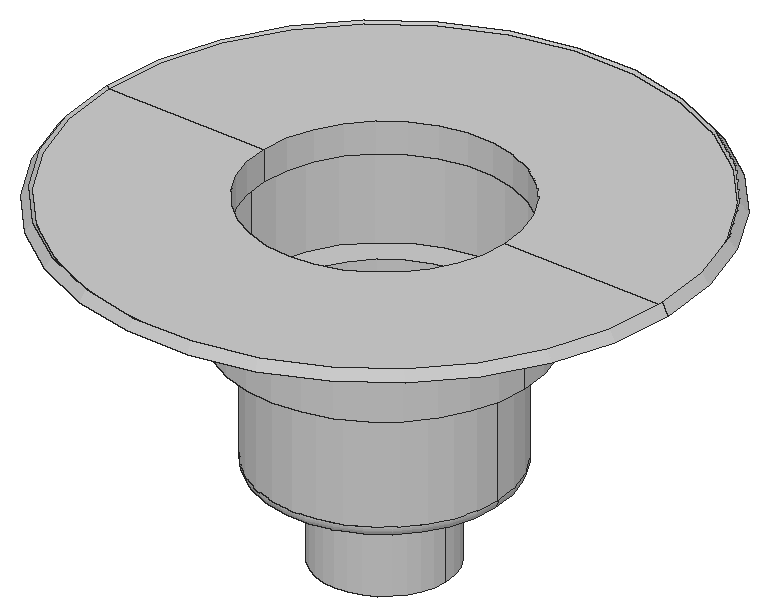
Revit family "PX_SEQ_F-Box-50mm_PC097744", category Plumbing Fixtures, Revit 2016
Family settings
  Part Type = Normal
  Round Connector Dimension = Use Diameter
  Work Plane-Based = No
  Always vertical = Yes
  Cut with Voids When Loaded = No
  Shared = No
  Room Calculation Point = No
Parameters (values of type "Wetfloor 50mm F-Box Bottom Outlet")
  URL for TCP = "http://www.tcpbim.co.za"
  URL = "https://seaqual.co.za/collections/internal-floor-drains/products/wetfloor-1st-fix-50mm-b-outlet"
  Plastic = Plastic
  Model = "097744"
  Manufacturer = "Seaqual"
  Made by = "Tolani Civil Projects cc"
  Keynote = "Wetfloor 50mm F-Box"
  ASAQS Code = "6.603.10"
Reference planes
  plane 1 "Center (Front/Back)": y = 0
  plane 2: z = 0
  plane 3 "Center (Left/Right)": x = 0
  plane 4: x = -127.5
  plane 5: z = 4
  plane 6: z = 3
  plane 7: x = -124.5
  plane 8: z = -10
  plane 9: x = -60
  plane 10: z = -52
  plane 11: z = -49
  plane 12: x = -57
  plane 13: x = -54
  plane 14: z = -7
  plane 15: x = -51
  plane 16: z = -103
  plane 17: z = -106
  plane 18: x = -48
  plane 19: x = -63
  plane 20: x = -27.5
  plane 21: x = -24.5
  plane 22: z = -142
  plane 23: x = 27.5
  plane 24: x = 24.5
Forms (mm)
  Revolve 1, solid, material "Plastic" <- "Plastic"
    sketch origin (0, 0, 0) x (1, 0, 0) y (0, 0, 1)
      loop
        line (-127.5, 0) -> (-57, 0) -> (-57, -7) -> (-63, -7) -> (-63, -52) -> (-51, -52) -> (-51, -101)
        arc (-51, -101) -> (-49.536, -104.536) -> (-46, -106) r 5
        line (-46, -106) -> (-27.5, -106) -> (-27.5, -142) -> (-24.5, -142) -> (-24.5, -103) -> (-45.2, -103)
        arc (-45.2, -103) -> (-47.18, -102.18) -> (-48, -100.2) r 2.8
        line (-48, -100.2) -> (-48, -49) -> (-60, -49) -> (-60, -10) -> (-54, -10) -> (-54, 3) -> (-123.5, 3) -> (-124.5, 4) -> (-127.5, 0)
      axis (0, 4) -> (0, -142)
    angle from 0 to 360
Dimensions and locks
  locked: plane 3 "Center (Left/Right)" to plane 4 at 127.5
  locked: plane 7 to plane 4 at 3
  plane 15 to plane 9 = 9 mm
  locked: plane 12 to plane 9 at 3
  plane 13 to plane 12 = 3 mm
  locked: plane 18 to plane 15 at 3  (x2)
  plane 3 "Center (Left/Right)" to plane 15 to plane 13 to plane 9 = 51 mm locked, 3 mm, 6 mm
  locked: plane 5 to plane 6 at 1
  locked: plane 5 to level at 4
  locked: plane 10 to plane 17 at 54
  plane 15 to plane 19 = 12 mm
  locked: plane 21 to plane 20 at 3
  locked: plane 17 to plane 22 at 36
  locked: plane 16 to plane 17 at 3
  locked: plane 9 to plane 19 at 3
  locked: plane 13 to plane 12 at 3
  locked: plane 3 "Center (Left/Right)" to plane 19 at 63
  locked: plane 14 to plane 10 at 45
  locked: plane 11 to plane 10 at 3
  locked: plane 14 to plane 8 at 3
  locked: level to plane 14 at 7
  plane 23 to plane 20 = 55 mm
  aligned and locked: level to plane 2
  aligned and locked: plane 4 to Revolve 1 sketch curve
  aligned and locked: plane 7 to Revolve 1 sketch curve
  aligned and locked: plane 6 to Revolve 1 sketch curve  (x2)
  aligned and locked: Revolve 1 sketch curve to plane 2
  aligned and locked: Revolve 1 sketch curve to plane 13
  aligned and locked: Revolve 1 sketch curve to plane 12
  aligned and locked: plane 19 to Revolve 1 sketch curve
  aligned and locked: plane 14 to Revolve 1 sketch curve
  aligned and locked: plane 9 to Revolve 1 sketch curve
  aligned and locked: Revolve 1 sketch curve to plane 8
  aligned and locked: Revolve 1 sketch curve to plane 19
  aligned and locked: Revolve 1 sketch curve to plane 9
  aligned and locked: plane 15 to Revolve 1 sketch curve
  aligned and locked: Revolve 1 sketch curve to plane 10
  aligned and locked: plane 18 to Revolve 1 sketch curve
  aligned and locked: plane 11 to Revolve 1 sketch curve
  aligned and locked: Revolve 1 sketch curve to plane 18
  aligned and locked: Revolve 1 sketch curve to plane 15
  aligned and locked: Revolve 1 sketch curve to plane 17
  aligned and locked: Revolve 1 sketch curve to plane 16
  aligned and locked: Revolve 1 sketch curve to plane 3 "Center (Left/Right)"
  aligned and locked: Revolve 1 sketch curve to plane 21
  aligned and locked: Revolve 1 sketch curve to plane 20
  aligned and locked: Revolve 1 sketch curve to plane 22
Connectors
  piping at (0, 0, -142), diameter 50
    settings: on Revolve 1, index 1, connector inside diameter 609.6 mm, connector length 0 mm, flow factor 0, pipe flow 0.0 L/s, pressure drop 0.0 Pa, fitting loss kfactor 0, connector angle 0.00°, fixture units 0, engagement length 0 mm, angle of deflection 0.00°, flow configuration 0, flow direction 0, fitting loss method 0, system type 16, joint type 0, gender type 0, connector reference index -1, connector utility 0, adjustable connector no, is connector primary yes, connector description ""
